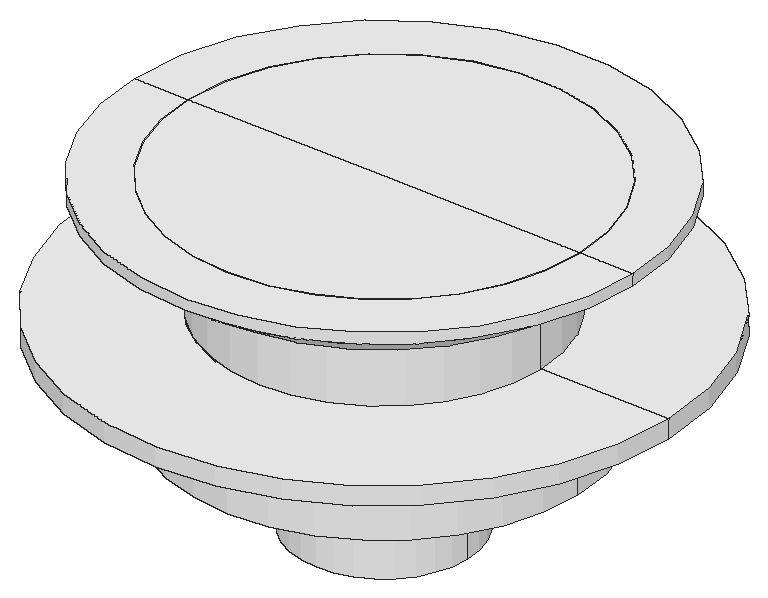
Revit family "Plumbing Fixture-FloorDrain_Mifab_C1100-RFC", category Plumbing Fixtures, host Face, Revit 2013
Parameters (values of type "2" FOR 7"")
  WFU = 0
  URL = "WWW.MIFAB.COM"
  Top Assembly Height = 1.650"
  Strainer Radius = Stainer Diameter / 2  # 3.500"
  Stainer Diameter = 7.000"
  Pipe Radius = Pipe Diameter / 2  # 1.000"
  Pipe Diameter = 2.000"
  Model = "C1100-RFC"
  Manufacturer = "MIFAB"
  Floor Drain Material = Paint - Sherwin Williams Paint - #952C2A - Bellwood Red
  Description = "FLOOR CLEANOUT WITH SURFACE MEMBRANE CLAMP  ADJUSTABLE COVER AND PLUG"
  Default Elevation = 0.000"
  Body Height = 2.750"
Types (9): name | Strainer Radius | Stainer Diameter | Pipe Radius | Pipe Diameter | Description
  (no name) | 3.500" | 7.000" | 1.000" | 2.000" | "FLOOR CLEANOUT WITH SURFACE MEMBRANE CLAMP  ADJUSTABLE COVER AND PLUG"
  2" FOR 7" | 3.500" | 7.000" | 1.000" | 2.000" | "FLOOR CLEANOUT WITH SURFACE MEMBRANE CLAMP  ADJUSTABLE COVER AND PLUG"
  3" FOR 7" | 3.500" | 7.000" | 1.500" | 3.000" | "FLOOR CLEANOUT WITH SURFACE MEMBRANE CLAMP, ADJUSTABLE COVER AND PLUG"
  4" FOR 7" | 3.500" | 7.000" | 2.000" | 4.000" | "FLOOR CLEANOUT WITH SURFACE MEMBRANE CLAMP, ADJUSTABLE COVER AND PLUG"
  5" FOR 7" | 3.500" | 7.000" | 2.500" | 5.000" | "FLOOR CLEANOUT WITH SURFACE MEMBRANE CLAMP, ADJUSTABLE COVER AND PLUG"
  2" FOR 9" | 4.500" | 9.000" | 1.000" | 2.000" | "FLOOR CLEANOUT WITH SURFACE MEMBRANE\r\nCLAMP, ADJUSTABLE COVER AND PLUG"
  3" FOR 9" | 4.500" | 9.000" | 1.500" | 3.000" | "FLOOR CLEANOUT WITH SURFACE MEMBRANE\r\nCLAMP, ADJUSTABLE COVER AND PLUG"
  4" FOR 9" | 4.500" | 9.000" | 2.000" | 4.000" | "FLOOR CLEANOUT WITH SURFACE MEMBRANE CLAMP ADJUSTABLE COVER AND PLUG"
  5" FOR 9" | 4.500" | 9.000" | 2.500" | 5.000" | "FLOOR CLEANOUT WITH SURFACE MEMBRANE CLAMP, ADJUSTABLE COVER AND PLUG"
Reference planes (in)
  plane 1 "Center (Front/Back)": y = 0
  plane 2: z = 0
  plane 3 "Center (Left/Right)": x = 0
  plane 4: x = -1
  plane 5: x = 1
  plane 6: z = -4.4
  plane 7: z = 0
  plane 8: z = 0
  plane 9: x = -3.5
  plane 10: x = 3.5
  plane 11: z = -1.65
Forms (in)
  Revolve 1, solid, material "Paint - Sherwin Williams Paint - #952C2A - Bellwood Red" <- "Floor Drain Material"
    sketch origin (0, 0, 0) x (1, 0, 0) y (0, 0, 1)
      loop
        line (-2.12, -1.73) -> (-2.2, -1.65) -> (-4, -1.65) -> (-4, -1.9) -> (-2.73, -1.9) -> (-2.73, -3.05) -> (-2.5, -3.05) -> (-1.18, -3.4) -> (-1.18, -4.4) -> (-1, -4.4) -> (-1, -3.26151) -> (-2.32, -2.91151) -> (-2.32, -1.9) -> (-2.2, -1.9) -> (-2.12, -1.82) -> (-2.12, -1.73)
      axis (0, -4.4) -> (0, -1.65)
    angle from 0 to 360
  Revolve 2, solid, material "Paint - Sherwin Williams Paint - #952C2A - Bellwood Red" <- "Floor Drain Material"
    sketch origin (0, 0, 0) x (1, 0, 0) y (0, 0, 1)
      loop
        line (-3.5, 0) -> (-3.5, -0.15) -> (-2.65, -0.7) -> (-2.2, -0.7) -> (-2.2, -1.92) -> (-2.12, -2) -> (-2.05, -2) -> (-2.05, -0.38) -> (-2.35, -0.38) -> (-2.35, -0.16) -> (-2.75, -0.16) -> (-2.75, 0) -> (-3.5, 0)
      axis (0, 0) -> (0, -2)
    angle from 0 to 360
  Revolve 3, solid, material "Paint - Sherwin Williams Paint - #952C2A - Bellwood Red" <- "Floor Drain Material"
    sketch origin (0, 0, 0) x (1, 0, 0) y (0, 0, 1)
      loop
        line (0, 0) -> (-2.75, 0) -> (-2.75, -0.16) -> (-2.35, -0.16) -> (-2.35, -0.38) -> (0, -0.38) -> (0, 0)
      axis (0, 0) -> (0, -0.38)
    angle from 0 to 360
Lines and regions (in)
  symbolic lines
    curve 1: circle (0, 0, 0) r 3.5 normal (0, 0, 1)
Dimensions and locks (in)
  equal spacing: plane 5, plane 3 "Center (Left/Right)", plane 4
  "Pipe Diameter": plane 5 to plane 4
  locked: Revolve 1 sketch curve to Revolve 1 sketch curve at 1.88
  locked: Revolve 1 sketch curve to Revolve 1 sketch curve at 0.41
  locked: Revolve 1 sketch curve to Revolve 1 sketch curve at 0.18
  locked: Revolve 1 sketch curve to Revolve 1 sketch curve at 1.13849
  locked: Revolve 1 sketch curve to Revolve 1 sketch curve at 4
  locked: Revolve 1 sketch curve to Revolve 1 sketch curve at 0.23
  locked: Revolve 1 sketch curve to Revolve 1 sketch curve at 2.73
  equal spacing: plane 9, plane 3 "Center (Left/Right)", plane 10
  "Stainer Diameter": plane 9 to plane 10
  "Body Height": plane 11 to plane 6
  "Top Assembly Height": host face to plane 11
  Revolve 2 sketch curve to Revolve 2 sketch curve = 2.200"
  locked: Revolve 2 sketch curve to Revolve 2 sketch curve at 0.15
  locked: Revolve 2 sketch curve to Revolve 2 sketch curve at 1.15
  locked: Revolve 2 sketch curve to Revolve 2 sketch curve at 0.4
  "Strainer Radius": radius of curve 1
  aligned and locked: plane 2 to host face
  aligned and locked: level to host face
  aligned and locked: plane 1 "Center (Front/Back)" to curve 1
  aligned and locked: plane 3 "Center (Left/Right)" to curve 1
  aligned and locked: plane 3 "Center (Left/Right)" to Revolve 1 sketch curve
  aligned and locked: plane 4 to Revolve 1  (x2)
  aligned and locked: plane 5 to Revolve 1  (x2)
  aligned and locked: level to plane 7
  aligned and locked: level to plane 8
  aligned and locked: level to Revolve 2 sketch curve
  aligned and locked: Revolve 2 sketch curve to plane 3 "Center (Left/Right)"
  aligned and locked: Revolve 3 sketch curve to plane 3 "Center (Left/Right)"
  aligned and locked: level to Revolve 3 sketch curve
  aligned and locked: Revolve 3 sketch curve to Revolve 2
  aligned and locked: Revolve 3 sketch curve to Revolve 3 sketch curve
  aligned and locked: plane 11 to Revolve 1 sketch curve
Automatic sketch dimensions
  host sketch curve to host sketch curve = 96.000"  (x2)
  Revolve 3 sketch curve to level = 0.160"
  Revolve 3 sketch curve to plane 9 = 1.150"
  Revolve 3 sketch curve to Revolve 3 sketch curve = 0.400"
  Revolve 3 sketch curve to Revolve 3 sketch curve = 1.71723"
  Revolve 3 sketch curve to Revolve 3 sketch curve = 1.30277"
  Revolve 1 sketch curve to plane 6 = 0.000"
  Revolve 1 sketch curve to plane 11 = 0.170"
  Revolve 1 sketch curve to Revolve 1 sketch curve = 0.080"  (x3)
  Revolve 1 sketch curve to plane 11 = 0.080"
  Revolve 1 sketch curve to plane 6 = 1.750"
  level to Revolve 1 sketch curve = 5.350"
  Revolve 1 sketch curve to plane 4 = 0.000"
  plane 6 to Revolve 1 sketch curve = 1.000"
  Revolve 1 sketch curve to Revolve 1 sketch curve = 1.230"
  Revolve 1 sketch curve to Revolve 1 sketch curve = 0.13849"
  Revolve 1 sketch curve to plane 11 = 0.250"
  Revolve 2 sketch curve to plane 9 = 0.850"
  Revolve 2 sketch curve to plane 11 = 0.350"
  Revolve 2 sketch curve to Revolve 2 sketch curve = 0.070"
  Revolve 2 sketch curve to Revolve 2 sketch curve = 0.080"
  Revolve 2 sketch curve to level = 0.700"
  Revolve 2 sketch curve to Revolve 2 sketch curve = 0.320"
  Revolve 2 sketch curve to level = 0.160"
  Revolve 2 sketch curve to level = 0.150"
  Revolve 2 sketch curve to plane 11 = 1.00691"
  level to Revolve 2 sketch curve = 2.500"
  plane 9 to Revolve 2 sketch curve = 0.000"
  plane 1 "Center (Front/Back)" to curve 1 = 0.000"
  curve 1 to plane 3 "Center (Left/Right)" = 0.000"
Connectors (in)
  piping at (0, 0, -4.4), driven by "Pipe Radius"
    settings: on Revolve 1, index 1, connector radius 1", flow factor 0, pipe flow 0 GPM, pressure drop 0.00 psi, fitting loss kfactor 0, connector angle 0.00°, fixture units 0, engagement length 0.000", flow configuration 0, flow direction 0, fitting loss method 0, system type 7, joint type 0, gender type 0, connector reference index -1, connector utility 0, adjustable connector no, is connector primary yes, fitting loss table "", connector description ""
